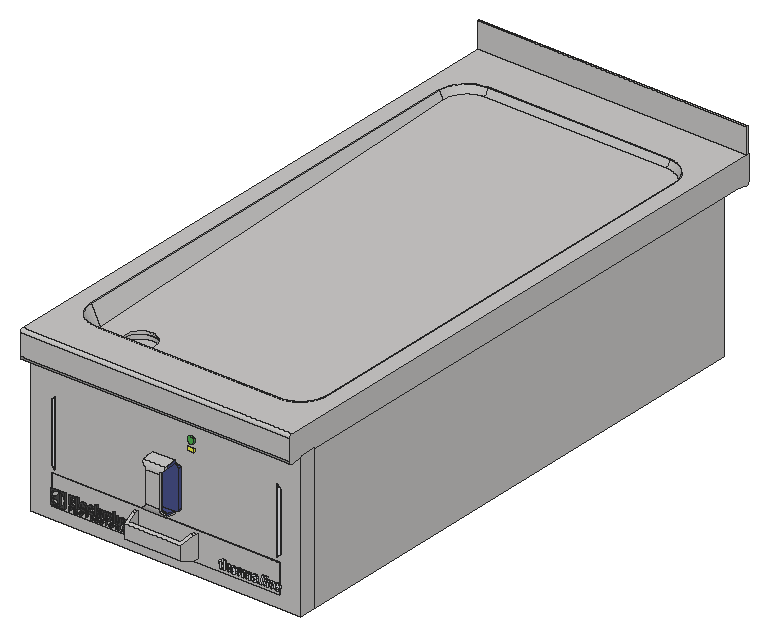
Revit family "QF_ELECTROLUXPROFESSIONAL_588530_MBHMBBDOAO", category Attrezzature speciali, Revit 2020
Family settings
  Quota connettore circolare = Usa diametro
  Tipo di parte = Normale
  Basato su piano di lavoro = No
  Sempre verticale = Sì
  Taglio con vuoti quando caricato = No
  Condiviso = No
  Punto di calcolo locali = No
Parameters (values of type "Standard")
  Weight = 69.00 kg
  Watts = 5100 W
  Volts = 400 V
  URL Manufacturer = "https://www.electroluxprofessional.com/"
  URL = "https://www.electroluxprofessional.com/"
  Steam Supply Size = 0"
  Steam Supply Minimum Pressure = 0.00 psi
  Steam Supply Maximum Pressure = 0.00 psi
  Steam Consumption per Hour = 0
  Refrigeration Suction Line Size = 0 mm
  Refrigeration Liquid Line Size = 0 mm
  Refrigerant Compressor Remote = yes
  Prospetto di default = 0 mm
  Phase = 3
  Modello = "MBHMBBDOAO"
  Produttore = "Electrolux Professional"
  Length Actual = 400 mm  # constant formula
  Item Number = "588530"
  Hot Water Size = 0"
  Height Actual = 250 mm  # constant formula
  HP = "6.8 HP"
  Gas Size = 0"
  Gas KW = 0
  Gas Input Pressure = 0.0 Btu/h
  Direct Waste Size = 0"
  Descrizione = "EL.FRYTOP,SMOOTH PL,1S,BSPL,400X850X250H"
  Depth Actual = 850 mm  # constant formula
  Cycle = 50 Hz
  Condensate Return Size = 0"
  Compressed Air Volume = 0 GPM
  Compressed Air Size = 0"
  Compressed Air Pressure = 0.00 psi
  Cold Water Size = 0"
  Accessory = yes
Reference planes
  plane 1 "BACK": y = 0
  plane 2: z = 0
  plane 3 "LEFT": x = 0
  plane 4 "RIGHT": x = 400
  plane 5 "FRONT": y = -850
  plane 6 "TOP": z = 900
  plane 7 "Center (Left/Right)": x = 200
  plane 8: y = -425
  plane 9: y = -150
  plane 10: y = -65
  plane 11: y = -790
  plane 12 "EIY": y = -635
  plane 13: z = 938
  plane 14 "BaseTop": z = 650
  plane 15: y = -805
  plane 16 "Camino": y = -50
  plane 17 "EIx": x = 355
  plane 18: z = 1131
Forms (mm)
  Extrusion 1, solid, material "QF_Finishes_Stainless Steel"
    sketch origin (-178.969, -4572, 100) x (-1, 0, 0) y (0, -1, 0)
      loop
        line (-178.969, -4527) -> (-178.969, -3767) -> (-578.969, -3767) -> (-578.969, -4527) -> (-178.969, -4527)
    from 550 to 762.969
  Extrusion 2, solid, material "QF_Finishes_Stainless Steel"
    sketch origin (200, 296.4, 1219.2) x (0, 1, 0) y (0, 0, 1)
      loop
        line (-296.4, -319.2) -> (-1141.4, -319.2)
        arc (-1141.4, -319.2) -> (-1144.935, -320.664) -> (-1146.4, -324.2) r 5
        line (-1146.4, -324.2) -> (-1146.4, -355.2)
        arc (-1146.4, -355.2) -> (-1144.971, -358.264) -> (-1141.705, -359.139) r 4
        line (-1141.705, -359.139) -> (-1126.4, -356.231) -> (-316.4, -356.231) -> (-301.094, -359.139)
        arc (-301.094, -359.139) -> (-297.829, -358.264) -> (-296.4, -355.2) r 4
        line (-296.4, -355.2) -> (-296.4, -319.2)
    from -200 to 200
  Extrusion 3, void
    sketch origin (0, 0, 900) x (-1, 0, 0) y (0, -1, 0)
      loop
        arc (-65, 65) -> (-36.716, 76.716) -> (-25, 105) r 40
        line (-25, 105) -> (-25, 750)
        arc (-25, 750) -> (-36.716, 778.284) -> (-65, 790) r 40
        line (-65, 790) -> (-335, 790)
        arc (-335, 790) -> (-363.284, 778.284) -> (-375, 750) r 40
        line (-375, 750) -> (-375, 105)
        arc (-375, 105) -> (-363.284, 76.716) -> (-335, 65) r 40
        line (-335, 65) -> (-65, 65)
    from 0 to -30
  Extrusion 4, solid, material "QF_Finishes_Stainless Steel"
    sketch origin (200, 296.4, 1219.2) x (0, 1, 0) y (0, 0, 1)
      loop
        line (-296.4, -319.2) -> (-296.4, -281.2) -> (-298.4, -281.2) -> (-298.4, -319.2) -> (-296.4, -319.2)
    from 200 to -200
  Extrusion 5, solid, material "QF_Finishes_Stainless Steel"
    sketch origin (0, 0, 650) x (-1, 0, 0) y (0, -1, 0)
      loop
        circle (-355, 635) r 10.1
    from 0 to -10
  Sweep 6, solid, material "QF_Finishes_Stainless Steel"
    path origin (0, 0, 900) x (-1, 0, 0) y (0, -1, 0)
      loop
        line (-25, 105) -> (-25, 750)
        arc (-25, 750) -> (-36.716, 778.284) -> (-65, 790) r 40
        line (-65, 790) -> (-335, 790)
        arc (-335, 790) -> (-363.284, 778.284) -> (-375, 750) r 40
        line (-375, 750) -> (-375, 105)
        arc (-375, 105) -> (-363.284, 76.716) -> (-335, 65) r 40
        line (-335, 65) -> (-65, 65)
        arc (-65, 65) -> (-36.716, 76.716) -> (-25, 105) r 40
    profile origin (25, -427.5, 900) x (1, 0, 0) y (0, 0, 1)
      loop
        line (0, 0) -> (0, -30) -> (15, -30) -> (0, 0)
  Extrusion 7, void
    sketch origin (0, 0, 900) x (-1, 0, 0) y (0, -1, 0)
      loop
        circle (-94.991, 746) r 22.248
    from -136.536 to 0
  Extrusion 8, solid, material "QF_Finishes_Stainless Steel"
    sketch origin (200, 296.4, 1219.2) x (0, 1, 0) y (0, 0, 1)
      loop
        line (-1086.4, -349.2) -> (-361.4, -349.2) -> (-361.4, -329.2) -> (-1086.4, -347.5) -> (-1086.4, -349.2)
    from -175 to 175
  Extrusion 9, void
    sketch origin (0, 0, 900) x (-1, 0, 0) y (0, -1, 0)
      loop
        circle (-94.991, 746) r 22.248
    from -30 to 0
Cuts and joins
  Extrusion 3, Extrusion 7, Extrusion 9 cuts Extrusion 2
  Extrusion 9 cuts Sweep 6
  Extrusion 9 cuts Extrusion 8
  joined: Sweep 6, Extrusion 8
  Extrusion 9 cuts Extrusion 1
Lines and regions (mm)
  symbolic lines
    curve 1: line (0, 0, 100) -> (400, 0, 100)
    curve 2: line (0, -850, 100) -> (0, 0, 100)
    curve 3: line (400, -850, 100) -> (0, -850, 100)
    curve 4: line (400, 0, 100) -> (400, -850, 100)
    curve 5: line (0, -2, 0) -> (400, -2, 0)
    curve 6: line (334.029, -65, 0) -> (65.29, -65, 0)
    curve 7: line (65.29, -790, 0) -> (334.029, -790, 0)
    curve 8: line (65, -80, 900) -> (335, -80, 900)
    curve 9: line (335, -775, 900) -> (65, -775, 900)
    curve 10: arc (360, -750, 900) -> (352.678, -767.678, 900) -> (335, -775, 900) r 25
    curve 11: line (360, -105, 900) -> (360, -750, 900)
    curve 12: arc (335, -80, 900) -> (352.678, -87.322, 900) -> (360, -105, 900) r 25
    curve 13: circle (94.991, -746, 900) r 22.248 normal (0, 0, 1)
    curve 14: arc (90.5, -85.483, 900) -> (62.314, -97.096, 900) -> (50.5, -125.198, 900) r 39.994
    curve 15: line (90.5, -85.482, 900) -> (310.5, -85.482, 900)
    curve 16: line (50.5, -662.082, 900) -> (50.5, -125.198, 900)
    curve 17: arc (50.5, -662.082, 900) -> (62.314, -690.184, 900) -> (90.5, -701.797, 900) r 39.994
    curve 18: line (310.5, -701.798, 900) -> (90.5, -701.798, 900)
    curve 19: line (40.29, -708.526, 900) -> (360, -708.526, 900)
    curve 20: line (40.29, -718.526, 900) -> (360, -718.526, 900)
    curve 21: arc (65, -65, 900) -> (36.716, -76.716, 900) -> (25, -105, 900) r 40
    curve 22: line (25, -105, 900) -> (25, -750, 900)
    curve 23: arc (25, -750, 900) -> (36.716, -778.284, 900) -> (65, -790, 900) r 40
    curve 24: arc (335, -790, 900) -> (363.284, -778.284, 900) -> (375, -750, 900) r 40
    curve 25: line (375, -750, 900) -> (375, -105, 900)
    curve 26: arc (375, -105, 900) -> (363.284, -76.716, 900) -> (335, -65, 900) r 40
    curve 27: arc (309.5, -85.483, 900) -> (337.686, -97.096, 900) -> (349.5, -125.198, 900) r 39.994
    curve 28: line (349.5, -662.082, 900) -> (349.5, -125.198, 900)
    curve 29: arc (349.5, -662.082, 900) -> (337.686, -690.184, 900) -> (309.5, -701.797, 900) r 39.994
    curve 30: arc (65, -775, 900) -> (47.322, -767.678, 900) -> (40, -750, 900) r 25
    curve 31: line (40, -750, 900) -> (40, -105, 900)
    curve 32: arc (40, -105, 900) -> (47.322, -87.322, 900) -> (65, -80, 900) r 25
Dimensions and locks
  plane 3 "LEFT" to plane 4 "RIGHT" = 400 mm
  locked: plane 5 "FRONT" to plane 1 "BACK" at 850
  plane 3 "LEFT" to plane 7 "Center (Left/Right)" to plane 4 "RIGHT" = 200 mm, 200 mm
  equal spacing: plane 5 "FRONT", plane 8, plane 1 "BACK"
  plane 6 "TOP" to level = 900 mm  (x2)
  plane 1 "BACK" to plane 9 = 150 mm
  plane 12 "EIY" to plane 1 "BACK" = 635 mm
  plane 13 to plane 6 "TOP" = 38 mm
  plane 10 to plane 1 "BACK" = 65 mm
  plane 5 "FRONT" to plane 11 = 60 mm
  locked: plane 6 "TOP" to plane 14 "BaseTop" at 250
  locked: plane 15 to plane 5 "FRONT" at 45
  plane 16 "Camino" to plane 1 "BACK" = 50 mm
  plane 17 "EIx" to plane 4 "RIGHT" = 45 mm
  plane 18 to plane 6 "TOP" = 231 mm
  aligned and locked: level to plane 2
  aligned and locked: cut or joined group of Extrusion 2, Extrusion 3, Extrusion 7, Extrusion 9 to plane 3 "LEFT"
  aligned and locked: cut or joined group of Extrusion 2, Extrusion 3, Extrusion 7, Extrusion 9 to plane 4 "RIGHT"
  aligned and locked: nested 1 to plane 15
  aligned and locked: Extrusion 1 to plane 15
  aligned and locked: Extrusion 4 to plane 3 "LEFT"
  aligned and locked: Extrusion 4 to plane 4 "RIGHT"
  aligned and locked: plane 3 "LEFT" to nested 1
Automatic sketch dimensions
  curve 5 to plane 3 "LEFT" = 0 mm
  plane 10 to curve 6 = 0 mm
  plane 11 to curve 7 = 0 mm
  curve 5 to plane 4 "RIGHT" = 0 mm
  plane 3 "LEFT" to curve 6 = 65.29 mm
  plane 3 "LEFT" to curve 7 = 65.29 mm
  curve 6 to plane 17 "EIx" = 20.971 mm
  curve 7 to plane 17 "EIx" = 20.971 mm
  plane 1 "BACK" to curve 5 = 2 mm
  Extrusion 1 sketch curve to plane 4 "RIGHT" = 0 mm
  Extrusion 1 sketch curve to plane 3 "LEFT" = 0 mm
  Extrusion 1 sketch curve to plane 15 = 0 mm
  Extrusion 1 sketch curve to plane 16 "Camino" = 5 mm
  plane 1 "BACK" to curve 1 = 0 mm
  curve 1 to plane 4 "RIGHT" = 0 mm
  curve 3 to plane 3 "LEFT" = 0 mm
  plane 5 "FRONT" to curve 3 = 0 mm
  Extrusion 2 sketch curve to plane 5 "FRONT" = 0 mm
  Extrusion 2 sketch curve to plane 6 "TOP" = 0 mm
  Extrusion 2 sketch curve to plane 1 "BACK" = 0 mm
  Extrusion 2 sketch curve to Extrusion 2 sketch curve = 4 mm
  Extrusion 2 sketch curve to Extrusion 2 sketch curve = 0.695 mm
  Extrusion 2 sketch curve to plane 5 "FRONT" = 5 mm
  Extrusion 2 sketch curve to Extrusion 2 sketch curve = 15.305 mm
  plane 1 "BACK" to Extrusion 2 sketch curve = 20 mm
  plane 1 "BACK" to Extrusion 2 sketch curve = 4.695 mm
  plane 1 "BACK" to Extrusion 2 sketch curve = 4 mm
  Extrusion 2 sketch curve to Extrusion 2 sketch curve = 31 mm
  Extrusion 2 sketch curve to Extrusion 2 sketch curve = 36 mm
  Extrusion 2 sketch curve to Extrusion 2 sketch curve = 2.909 mm
  plane 11 to Extrusion 3 sketch curve = 0 mm
  plane 10 to Extrusion 3 sketch curve = 0 mm
  plane 17 "EIx" to Extrusion 3 sketch curve = 20 mm
  Extrusion 3 sketch curve to plane 17 "EIx" = 20 mm  (x2)
  plane 3 "LEFT" to Extrusion 3 sketch curve = 65 mm  (x2)
  plane 10 to Extrusion 3 sketch curve = 40 mm
  curve 10 to curve 24 = 0 mm  (x2)
  curve 12 to curve 26 = 0 mm  (x2)
  curve 21 to curve 32 = 0 mm  (x2)
  curve 23 to curve 30 = 0 mm  (x2)
  plane 10 to curve 26 = 0 mm
  plane 11 to curve 24 = 0 mm
  plane 10 to curve 21 = 0 mm
  plane 17 "EIx" to curve 25 = 20 mm
  plane 17 "EIx" to curve 11 = 5 mm
  curve 28 to plane 17 "EIx" = 5.5 mm
  curve 9 to plane 17 "EIx" = 20 mm
  curve 26 to plane 17 "EIx" = 20 mm
  curve 12 to curve 27 = 25.493 mm
  curve 28 to curve 29 = 39.993 mm
  curve 13 to plane 11 = 44 mm
  plane 3 "LEFT" to curve 13 = 94.991 mm
  curve 17 to plane 12 "EIY" = 26.803 mm
  curve 13 to curve 17 = 4.498 mm
  plane 9 to curve 14 = 24.523 mm
  plane 3 "LEFT" to curve 14 = 90.493 mm
  curve 14 to curve 21 = 25.493 mm
  curve 13 to curve 23 = 29.991 mm
  curve 17 to curve 16 = 39.993 mm
  curve 16 to curve 31 = 10.5 mm
  curve 31 to curve 16 = 20.198 mm
  curve 11 to curve 28 = 20.198 mm
  plane 9 to curve 27 = 24.523 mm
  curve 29 to plane 12 "EIY" = 26.803 mm
  curve 16 to plane 12 "EIY" = 27.082 mm
  curve 28 to plane 12 "EIY" = 27.082 mm
  curve 12 to curve 15 = 24.5 mm
  curve 18 to curve 29 = 0.993 mm
  curve 18 to curve 29 = 1 mm
  curve 15 to curve 27 = 1 mm
  curve 18 to curve 17 = 0.007 mm
  curve 15 to curve 8 = 25.5 mm
  curve 15 to curve 14 = 0 mm
  curve 18 to curve 17 = 0 mm
  curve 20 to curve 30 = 0.29 mm
  curve 19 to curve 20 = 0 mm
  curve 15 to curve 14 = 0.001 mm
  curve 29 to curve 18 = 0.001 mm
  curve 19 to curve 30 = 41.474 mm
  curve 19 to curve 20 = 10 mm
  Extrusion 4 sketch curve to plane 6 "TOP" = 0 mm
  Extrusion 4 sketch curve to plane 13 = 0 mm
  Extrusion 4 sketch curve to plane 1 "BACK" = 0 mm
  Extrusion 4 sketch curve to Extrusion 4 sketch curve = 2 mm
  Extrusion 5 sketch curve to plane 12 "EIY" = 0 mm
  Extrusion 5 sketch curve to plane 17 "EIx" = 0 mm
  plane 10 to Sweep 6 sketch curve = 0 mm
  plane 11 to Sweep 6 sketch curve = 0 mm
  plane 17 "EIx" to Sweep 6 sketch curve = 20 mm
  Sweep 6 sketch curve to plane 17 "EIx" = 20 mm  (x2)
  plane 3 "LEFT" to Sweep 6 sketch curve = 65 mm  (x2)
  plane 3 "LEFT" to Sweep 6 sketch curve = 25 mm
  profile plane to Sweep 6 sketch curve = 0 mm
  Sweep 6 sketch curve to plane 6 "TOP" = 0 mm
  Sweep 6 sketch curve to profile plane = 15 mm
  Sweep 6 sketch curve to plane 6 "TOP" = 30 mm
  Extrusion 7 sketch curve to plane 11 = 44 mm
  plane 3 "LEFT" to Extrusion 7 sketch curve = 94.991 mm
  Extrusion 7 sketch curve to Extrusion 7 sketch curve = 12.288 mm
  Extrusion 7 sketch curve to Extrusion 7 sketch curve = 0 mm
  Extrusion 7 sketch curve to Extrusion 7 sketch curve = 18.547 mm
  Extrusion 9 sketch curve to plane 11 = 44 mm
  plane 3 "LEFT" to Extrusion 9 sketch curve = 94.991 mm
  Extrusion 9 sketch curve to Extrusion 9 sketch curve = 12.288 mm
  Extrusion 9 sketch curve to Extrusion 9 sketch curve = 0 mm
  Extrusion 9 sketch curve to Extrusion 9 sketch curve = 18.547 mm
  Extrusion 8 sketch curve to plane 11 = 0 mm
  Extrusion 8 sketch curve to plane 10 = 0 mm
  Extrusion 8 sketch curve to plane 6 "TOP" = 30 mm
  Extrusion 8 sketch curve to plane 6 "TOP" = 10 mm
  Extrusion 8 sketch curve to Extrusion 8 sketch curve = 0 mm
  Extrusion 8 sketch curve to Extrusion 8 sketch curve = 1.7 mm
  radius of curve 13 = 22.248 mm
  radius of Extrusion 5 sketch curve = 10.1 mm
Nested families
  nested 1: "Front_Panel_W400_One Knobs_2Spie" at (52.376, -805, 0), type "Front_Panel_W400_One Knobs_2Spie"
Connectors
  electrical at (355, -635, 640), driven by "Volts"
    settings: on Extrusion 5, index 1, voltage 400 V, apparent load 0 VA, apparent load phase1 0 VA, apparent load phase2 0 VA, apparent load phase3 0 VA, power factor 1, load classification "Other", number of poles 1, system type 30, power factor state 1, is connector primary yes, connector utility no, sub classification motor no, connector description "Electrical Connection"
Definition of nested family "Front_Panel_W400_One Knobs_2Spie"
  Parameters
    Default Elevation = 0 mm
  Reference planes
    plane 1 "Center (Front/Back)": y = 0
    plane 2: z = 0
    plane 3 "Center (Left/Right)": x = 147.624
    plane 4 "Left": x = -52.376
    plane 5 "Right": x = 347.624
    plane 6: y = -45
    plane 7: y = -310
    plane 8 "Panel": y = -25
    plane 9: x = 317.624
    plane 10: x = -22.376
  Forms (mm)
    Extrusion 1, solid
      sketch origin (833.217, 829.203, -1.25) x (0, 1, 0) y (0, 0, 1)
        loop
          line (-854.203, 651.25) -> (-829.203, 651.25) -> (-829.203, 864.25) -> (-854.203, 864.25) -> (-854.203, 651.25)
      from -885.593 to -485.593
    Extrusion 2, void
      sketch origin (0, -25, -10) x (0, 0, 1) y (-1, 0, 0)
        loop
          line (731.866, -317.624) -> (818.866, -317.624) -> (823.866, -312.624) -> (726.866, -312.624) -> (731.866, -317.624)
        loop
          line (731.866, 22.376) -> (726.866, 17.376) -> (823.866, 17.376) -> (818.866, 22.376) -> (731.866, 22.376)
      from 0 to -2
    Extrusion 3, void
      sketch origin (0, 0, 0) x (1, 0, 0) y (0, 0, 1)
        loop
          line (-22.376, 711.866) -> (-22.376, 666.866) -> (317.624, 666.866) -> (317.624, 711.866) -> (-22.376, 711.866)
      from 19.387 to 25
    Extrusion 4, solid
      sketch origin (0, 0, 0) x (1, 0, 0) y (0, 0, 1)
        loop
          line (-21.376, 710.866) -> (-21.376, 667.866) -> (316.624, 667.866) -> (316.624, 710.866) -> (-21.376, 710.866)
      from 19.387 to 25
    Extrusion 5, solid
      sketch origin (0, 0, 0) x (1, 0, 0) y (0, 1, 0)
        loop
          line (106.059, -25) -> (100.966, -25) -> (105.646, -49.075) -> (189.603, -49.075) -> (194.283, -25) -> (189.189, -25) -> (185.481, -44.075) -> (109.767, -44.075) -> (106.059, -25)
      from 672.593 to 705.67
    Extrusion 6, void
      sketch origin (147.624, 0, 0) x (0, 1, 0) y (0, 0, 1)
        loop
          line (-30, 705.67) -> (-30, 710.67) -> (-56.744, 710.67) -> (-56.744, 667.593) -> (-30, 667.593) -> (-30, 672.593) -> (-53.776, 680.318) -> (-53.776, 697.945) -> (-30, 705.67)
      from -50 to 50
    Extrusion 7, solid, detail levels coarse
      sketch origin (0, -265, 0) x (1, 0, 0) y (0, 1, 0)
        loop
          line (106.164, -71.744) -> (189.084, -71.744) -> (194.283, -45) -> (316.624, -45) -> (316.624, 240) -> (-21.376, 240) -> (-21.376, -45) -> (100.966, -45) -> (106.164, -71.744)
      from 672.593 to 705.67
    Extrusion 8, void
      sketch origin (147.624, -280, 0) x (0, 1, 0) y (0, 0, 1)
        loop
          line (-30, 705.67) -> (-30, 710.67) -> (-56.744, 710.67) -> (-56.744, 667.593) -> (-30, 667.593) -> (-30, 672.593) -> (-53.776, 680.318) -> (-53.776, 697.945) -> (-30, 705.67)
      from -50 to 50
    Extrusion 9, solid
      sketch origin (220, -25, 1.163) x (0, 0, 1) y (-1, 0, 0)
        loop
          circle (827.42, 33.961) r 5
      from 0 to 1.7
    Extrusion 10, solid
      sketch origin (0, -25, -10) x (0, 0, 1) y (-1, 0, 0)
        loop
          line (726.866, -312.624) -> (731.866, -317.624) -> (818.866, -317.624) -> (823.866, -312.624) -> (726.866, -312.624)
        loop
          line (726.866, 17.376) -> (823.866, 17.376) -> (818.866, 22.376) -> (731.866, 22.376) -> (726.866, 17.376)
      from 0 to -2
    Extrusion 11, solid
      sketch origin (220, -25, -12.084) x (0, 0, 1) y (-1, 0, 0)
        loop
          line (825.666, 38.961) -> (825.666, 28.961) -> (830.666, 28.961) -> (830.666, 38.961) -> (825.666, 38.961)
      from 0 to 1.7
  Cuts and joins
    Extrusion 2, Extrusion 3 cuts Extrusion 1
    Extrusion 6, Extrusion 8 cuts Extrusion 5
    Extrusion 8 cuts Extrusion 7
  Lines and regions (mm)
    symbolic lines
      curve 1: line (-21.376, -45, 0) -> (-21.376, -310, 0)
      curve 2: line (-21.376, -310, 0) -> (316.624, -310, 0)
      curve 3: line (100.966, -310, 0) -> (105.646, -334.075, 0)
      curve 4: line (105.646, -334.075, 0) -> (189.603, -334.075, 0)
      curve 5: line (189.603, -334.075, 0) -> (194.283, -310, 0)
      curve 6: line (316.624, -310, 0) -> (316.624, -45, 0)
      curve 7: line (-21.376, -300, 0) -> (316.624, -300, 0)
      curve 8: line (106.059, -310, 0) -> (109.767, -329.075, 0)
      curve 9: line (109.767, -329.075, 0) -> (185.481, -329.075, 0)
      curve 10: line (185.481, -329.075, 0) -> (189.189, -310, 0)
  Dimensions and locks
    equal spacing: plane 5 "Right", plane 3 "Center (Left/Right)", plane 4 "Left"
    plane 5 "Right" to plane 4 "Left" = 400 mm
    plane 6 to plane 7 = 265 mm
    plane 10 to plane 4 "Left" = 30 mm
    plane 5 "Right" to plane 9 = 30 mm
    aligned and locked: cut or joined group of Extrusion 1, Extrusion 2, Extrusion 3 to plane 4 "Left"
    aligned and locked: plane 5 "Right" to cut or joined group of Extrusion 1, Extrusion 2, Extrusion 3
  Automatic sketch dimensions
    plane 6 to curve 1 = 0 mm
    curve 1 to plane 7 = 0 mm
    plane 6 to curve 6 = 0 mm
    plane 10 to curve 1 = 1 mm
    curve 3 to plane 3 "Center (Left/Right)" = 41.979 mm
    curve 3 to curve 8 = 4.122 mm
    plane 3 "Center (Left/Right)" to curve 10 = 37.857 mm
    curve 9 to curve 5 = 4.122 mm
    curve 2 to plane 9 = 1 mm
    curve 9 to plane 7 = 19.075 mm
    curve 5 to curve 9 = 5 mm
    curve 3 to curve 8 = 8.801 mm
    curve 3 to curve 8 = 5.094 mm
    curve 9 to curve 10 = 3.708 mm
    curve 10 to curve 5 = 5.094 mm
    plane 7 to curve 7 = 10 mm
    Extrusion 1 sketch curve to plane 8 "Panel" = 0 mm
    Extrusion 1 sketch curve to plane 1 "Center (Front/Back)" = 0 mm
    level to Extrusion 1 sketch curve = 650 mm
    Extrusion 1 sketch curve to Extrusion 1 sketch curve = 213 mm
    Extrusion 2 sketch curve to plane 9 = 0 mm
    Extrusion 2 sketch curve to plane 10 = 0 mm
    plane 10 to Extrusion 2 sketch curve = 5 mm
    level to Extrusion 2 sketch curve = 716.866 mm
    Extrusion 2 sketch curve to plane 9 = 5 mm
    Extrusion 2 sketch curve to Extrusion 2 sketch curve = 0 mm
    Extrusion 2 sketch curve to Extrusion 2 sketch curve = 5 mm  (x4)
    Extrusion 2 sketch curve to Extrusion 2 sketch curve = 87 mm  (x2)
    Extrusion 3 sketch curve to plane 10 = 0 mm
    Extrusion 3 sketch curve to plane 9 = 0 mm
    level to Extrusion 3 sketch curve = 666.866 mm
    Extrusion 3 sketch curve to Extrusion 3 sketch curve = 45 mm
    plane 10 to Extrusion 4 sketch curve = 1 mm
    Extrusion 4 sketch curve to plane 9 = 1 mm
    level to Extrusion 4 sketch curve = 667.866 mm
    Extrusion 4 sketch curve to Extrusion 4 sketch curve = 43 mm
    plane 8 "Panel" to Extrusion 5 sketch curve = 0 mm  (x2)
    Extrusion 5 sketch curve to plane 3 "Center (Left/Right)" = 46.658 mm
    plane 6 to Extrusion 5 sketch curve = 4.075 mm
    Extrusion 5 sketch curve to Extrusion 5 sketch curve = 4.68 mm
    Extrusion 5 sketch curve to Extrusion 5 sketch curve = 5.094 mm  (x2)
    Extrusion 5 sketch curve to plane 6 = 0.925 mm
    Extrusion 5 sketch curve to Extrusion 5 sketch curve = 4.122 mm  (x2)
    plane 3 "Center (Left/Right)" to Extrusion 5 sketch curve = 37.857 mm
    Extrusion 5 sketch curve to Extrusion 5 sketch curve = 3.708 mm
    plane 6 to Extrusion 6 sketch curve = 11.744 mm
    plane 6 to Extrusion 6 sketch curve = 8.776 mm
    plane 8 "Panel" to Extrusion 6 sketch curve = 5 mm  (x2)
    level to Extrusion 6 sketch curve = 667.593 mm
    Extrusion 6 sketch curve to Extrusion 6 sketch curve = 5 mm
    Extrusion 6 sketch curve to Extrusion 6 sketch curve = 12.725 mm  (x2)
    Extrusion 6 sketch curve to Extrusion 6 sketch curve = 17.627 mm
    Extrusion 6 sketch curve to Extrusion 6 sketch curve = 7.725 mm
    plane 8 "Panel" to Extrusion 7 sketch curve = 0 mm
    Extrusion 7 sketch curve to plane 7 = 0 mm  (x2)
    plane 10 to Extrusion 7 sketch curve = 1 mm
    Extrusion 7 sketch curve to plane 3 "Center (Left/Right)" = 46.658 mm
    Extrusion 7 sketch curve to Extrusion 7 sketch curve = 5.199 mm  (x2)
    plane 3 "Center (Left/Right)" to Extrusion 7 sketch curve = 41.46 mm
    Extrusion 7 sketch curve to plane 9 = 1 mm
    Extrusion 7 sketch curve to plane 7 = 26.744 mm
    Extrusion 8 sketch curve to plane 7 = 0 mm  (x2)
    Extrusion 8 sketch curve to plane 7 = 23.776 mm
    Extrusion 8 sketch curve to Extrusion 8 sketch curve = 2.968 mm
    level to Extrusion 8 sketch curve = 667.593 mm
    Extrusion 8 sketch curve to Extrusion 8 sketch curve = 5 mm
    Extrusion 8 sketch curve to Extrusion 8 sketch curve = 12.725 mm  (x2)
    Extrusion 8 sketch curve to Extrusion 8 sketch curve = 17.627 mm
    Extrusion 8 sketch curve to Extrusion 8 sketch curve = 7.725 mm
    Extrusion 10 sketch curve to plane 9 = 0 mm
    Extrusion 10 sketch curve to plane 10 = 0 mm
    Extrusion 10 sketch curve to plane 9 = 5 mm
    level to Extrusion 10 sketch curve = 716.866 mm
    plane 10 to Extrusion 10 sketch curve = 5 mm
    Extrusion 10 sketch curve to Extrusion 10 sketch curve = 0 mm
    Extrusion 10 sketch curve to Extrusion 10 sketch curve = 5 mm  (x4)
    Extrusion 10 sketch curve to Extrusion 10 sketch curve = 87 mm  (x2)
    plane 3 "Center (Left/Right)" to Extrusion 9 sketch curve = 38.414 mm
    level to Extrusion 9 sketch curve = 828.582 mm
    plane 3 "Center (Left/Right)" to Extrusion 11 sketch curve = 43.414 mm
    level to Extrusion 11 sketch curve = 813.582 mm
    Extrusion 11 sketch curve to Extrusion 11 sketch curve = 5 mm
    Extrusion 11 sketch curve to Extrusion 11 sketch curve = 10 mm
    radius of Extrusion 9 sketch curve = 5 mm
  Nested families
    nested 1: "Range Control Handle" at (147.624, -28.137, -209.113) x (-1, 0, 0) z (0, 0, 1), type "Range Control Handle"
    nested 2: "ELX_ThermaLine_Small" at (269.031, -25, 679.326) x (1, 0, 0) z (0, -1, 0), type "ELX_ThermaLine_Small"
      with Show Logo yes, Material_Logo none
    nested 3: "ELX_Professional_Logo_Small" at (37.11, -25, 681.559) x (1, 0, 0) z (0, -1, 0), type "ELX_Professional_Logo_Small"
      with Show Logo yes, Material_Logo none
  Definition of nested family "Range Control Handle"
    Parameters
      Default Elevation = 0 mm
    Reference planes
      plane 1 "Center (Front/Back)": y = 0
      plane 2: z = 0
      plane 3 "Center (Left/Right)": x = 0
      plane 4: z = 971.092
      plane 5: y = -16.9
    Forms (mm)
      Extrusion 1, solid
        sketch origin (-746.28, 380.497, 208.931) x (-1, 0, 0) y (0, 0, 1)
          loop
            line (-770.101, 786.798) -> (-770.101, 731.649)
            arc (-770.101, 731.649) -> (-769.759, 730.563) -> (-768.855, 729.87) r 1.893
            line (-768.855, 729.87) -> (-763.474, 727.911) -> (-729.81, 727.911) -> (-724.428, 729.87)
            arc (-724.428, 729.87) -> (-723.525, 730.563) -> (-723.183, 731.649) r 1.893
            line (-723.183, 731.649) -> (-723.183, 786.798)
            arc (-723.183, 786.798) -> (-723.529, 787.894) -> (-724.44, 788.593) r 1.91
            line (-724.44, 788.593) -> (-729.683, 790.819) -> (-763.601, 790.819) -> (-768.844, 788.593)
            arc (-768.844, 788.593) -> (-769.755, 787.894) -> (-770.101, 786.798) r 1.91
        from -382.35 to -378.852
      Sweep 2, solid
        path origin (-746.788, 380.496, 208.091) x (0, -1, 0) y (0, 0, 1)
          loop
            line (379.775, 793.281) -> (395.661, 791.048)
            arc (395.661, 791.048) -> (397.781, 787.377) -> (398.517, 783.202) r 12.207
            line (398.517, 783.202) -> (398.517, 737.368)
            arc (398.517, 737.368) -> (397.781, 733.193) -> (395.661, 729.522) r 12.207
            line (395.661, 729.522) -> (379.775, 727.289)
        profile origin (-746.788, -7.222, 1000.256) x (0, -0.139173, 0.990268) y (-1, 0, 0)
          loop
            line (0.782, -763.123) -> (0.782, -730.907) -> (-1.322, -730.907) -> (-1.322, -763.123) -> (0.782, -763.123)
      Sweep 3, solid
        path origin (-746.788, 380.715, 207.832) x (0, -1, 0) y (0, 0, 1)
          loop
            line (380.478, 795.442) -> (397.218, 793.09)
            arc (397.218, 793.09) -> (399.929, 788.473) -> (400.871, 783.202) r 15.207
            line (400.871, 783.202) -> (400.871, 737.584)
            arc (400.871, 737.584) -> (399.914, 732.274) -> (397.164, 727.633) r 15.207
            line (397.164, 727.633) -> (380.601, 725.305)
        profile origin (-746.788, -8.132, 1002.099) x (0, -0.139173, 0.990268) y (-1, 0, 0)
          loop
            line (0.782, -763.123) -> (0.782, -730.907) -> (-1.322, -730.907) -> (-1.322, -763.123) -> (0.782, -763.123)
      Extrusion 4, void
        sketch origin (889.253, 220.666, 207.993) x (1, 0, 0) y (0, 0, 1)
          loop
            line (-943.038, 816.854) -> (-943.038, 703.686) -> (-899.466, 734.196) -> (-899.466, 786.344) -> (-943.038, 816.854)
        from 230.636 to 242.25
      Extrusion 5, void
        sketch origin (-888.8, 220.666, 207.993) x (-1, 0, 0) y (0, 0, -1)
          loop
            line (-943.038, -816.854) -> (-899.466, -786.344) -> (-899.466, -734.196) -> (-943.038, -703.686) -> (-943.038, -816.854)
        from 230.636 to 242.25
      Extrusion 6, solid
        sketch origin (0, 0, 0) x (1, 0, 0) y (0, 0, 1)
          loop
            circle (0, 971.092) r 7.736
        from -3.137 to -1.645
    Cuts and joins
      Extrusion 4, Extrusion 5 cuts Sweep 3
      Extrusion 4, Extrusion 5 cuts Sweep 2
      joined: Extrusion 1, Extrusion 6
    Lines and regions (mm)
      symbolic lines
        curve 1: line (16.334, -16.9, 0) -> (16.334, -19.227, 0)
        curve 2: spline (16.334, -19.227, 0) -> (15.87, -19.385, 0) -> (15.404, -19.536, 0) -> (14.936, -19.678, 0) -> (14.466, -19.813, 0) -> (13.995, -19.94, 0) -> (13.523, -20.059, 0) -> (13.049, -20.171, 0) -> (12.575, -20.274, 0) -> (12.099, -20.37, 0) -> (11.622, -20.458, 0) -> (11.144, -20.537, 0) -> (10.666, -20.609, 0)
        curve 3: line (10.666, -16.9, 0) -> (10.666, -20.938, 0)
        curve 4: line (-10.213, -20.938, 0) -> (10.666, -20.938, 0)
        curve 5: line (-10.213, -20.938, 0) -> (-10.213, -16.9, 0)
        curve 6: spline (-10.213, -20.609, 0) -> (-10.691, -20.537, 0) -> (-11.169, -20.458, 0) -> (-11.646, -20.37, 0) -> (-12.122, -20.274, 0) -> (-12.597, -20.171, 0) -> (-13.07, -20.059, 0) -> (-13.542, -19.94, 0) -> (-14.013, -19.813, 0) -> (-14.483, -19.678, 0) -> (-14.951, -19.536, 0) -> (-15.417, -19.385, 0) -> (-15.881, -19.227, 0)
        curve 7: line (-15.881, -19.227, 0) -> (-15.881, -16.9, 0)
  Definition of nested family "ELX_ThermaLine_Small"
    Parameters
      Show Logo [instance] = yes
      Material_Logo [instance] = none
      Default Elevation = 0 mm
    Reference planes
      plane 1 "Centro (Fronte/Retro)": y = 0
      plane 2: z = 0
      plane 3 "Centro (Sinistra/Destra)": x = 0
    Forms (mm)
      Extrusion 1, solid
        sketch origin (0, 0, 0) x (1, 0, 0) y (0, 1, 0)
          loop
            line (-1219.2, 1219.2) -> (-1219.2, -1219.2) -> (1219.2, -1219.2) -> (1219.2, 1219.2) -> (-1219.2, 1219.2)
        from 0 to -304.8
      Extrusion 2, solid
        sketch origin (0, 0, 0) x (1, 0, 0) y (0, 1, 0)
          loop
            line (-37.494, 1.229) -> (-35.908, 1.229) -> (-35.908, 3.066) -> (-37.494, 3.066) -> (-37.494, 6.221) -> (-39.867, 4.881) -> (-39.867, 3.066) -> (-40.969, 3.066) -> (-40.969, 1.229) -> (-39.867, 1.229) -> (-39.867, -3.407)
            arc (-39.867, -3.407) -> (-38.982, -5.513) -> (-36.751, -6.001) r 2.478
            line (-36.751, -6.001) -> (-35.638, -5.7) -> (-35.9, -3.835) -> (-36.661, -4.039)
            arc (-36.661, -4.039) -> (-37.236, -3.924) -> (-37.494, -3.399) r 0.662
            line (-37.494, -3.399) -> (-37.494, 1.229)
          loop
            line (-34.242, 6.539) -> (-34.242, -5.848) -> (-31.854, -5.848) -> (-31.854, -0.078)
            arc (-31.854, -0.078) -> (-30.939, 1.249) -> (-29.33, 1.367) r 1.866
            arc (-29.33, 1.367) -> (-28.695, 0.768) -> (-28.461, -0.073) r 1.627
            line (-28.461, -0.073) -> (-28.461, -5.848) -> (-26.086, -5.848) -> (-26.064, -0.46)
            arc (-26.064, -0.46) -> (-26.261, 0.932) -> (-26.786, 2.237) r 5.825
            arc (-26.786, 2.237) -> (-29.381, 3.264) -> (-31.854, 1.971) r 3.353
            line (-31.854, 1.971) -> (-31.854, 6.539) -> (-34.242, 6.539)
          loop
            arc (-18.398, -0.598) -> (-18.893, 0.879) -> (-20.326, 1.487) r 1.897
            arc (-20.326, 1.487) -> (-21.461, 0.708) -> (-21.897, -0.598) r 2.164
            line (-21.897, -0.598) -> (-18.398, -0.598)
          loop
            arc (-16.021, -2.044) -> (-16.754, 1.227) -> (-19.444, 3.226) r 4.814
            arc (-19.444, 3.226) -> (-22.137, 2.788) -> (-23.943, 0.743) r 4.054
            arc (-23.943, 0.743) -> (-24.382, -1.249) -> (-24.162, -3.276) r 6.289
            arc (-24.162, -3.276) -> (-23.302, -4.71) -> (-21.958, -5.705) r 4.28
            arc (-21.958, -5.705) -> (-18.558, -5.814) -> (-16.152, -3.409) r 4.28
            line (-16.152, -3.409) -> (-18.5, -2.995)
            arc (-18.5, -2.995) -> (-19.273, -3.994) -> (-20.533, -4.076) r 1.536
            arc (-20.533, -4.076) -> (-21.56, -3.281) -> (-21.958, -2.044) r 2.197
            line (-21.958, -2.044) -> (-16.021, -2.044)
          loop
            line (-14.165, -5.848) -> (-11.819, -5.848) -> (-11.819, -2.138)
            arc (-11.819, -2.138) -> (-11.787, -1.156) -> (-11.637, -0.185) r 8.18
            arc (-11.637, -0.185) -> (-10.644, 0.972) -> (-9.132, 0.776) r 1.603
            line (-9.132, 0.776) -> (-8.419, 2.846)
            arc (-8.419, 2.846) -> (-10.432, 3.118) -> (-11.994, 1.821) r 2.527
            line (-11.994, 1.821) -> (-11.994, 3.094) -> (-14.165, 3.094) -> (-14.165, -5.848)
          loop
            line (-7.579, 3.094) -> (-7.579, -5.848) -> (-5.178, -5.848) -> (-5.178, -0.756)
            arc (-5.178, -0.756) -> (-4.727, 0.679) -> (-3.417, 1.419) r 2.05
            arc (-3.417, 1.419) -> (-2.499, 0.908) -> (-2.155, -0.085) r 1.471
            line (-2.155, -0.085) -> (-2.155, -5.848) -> (0.23, -5.848) -> (0.23, -1.001)
            arc (0.23, -1.001) -> (0.47, 0.127) -> (1.148, 1.061) r 2.775
            arc (1.148, 1.061) -> (2.225, 1.329) -> (3.05, 0.587) r 1.182
            arc (3.05, 0.587) -> (3.199, -0.019) -> (3.214, -0.642) r 2.894
            line (3.214, -0.642) -> (3.214, -5.848) -> (5.601, -5.848) -> (5.601, 0.261)
            arc (5.601, 0.261) -> (4.87, 2.263) -> (2.976, 3.241) r 2.932
            arc (2.976, 3.241) -> (1.284, 2.973) -> (-0.047, 1.896) r 3.309
            arc (-0.047, 1.896) -> (-1.116, 2.865) -> (-2.506, 3.258) r 3.16
            arc (-2.506, 3.258) -> (-4.105, 2.942) -> (-5.376, 1.92) r 3.419
            line (-5.376, 1.92) -> (-5.376, 3.094) -> (-7.579, 3.094)
          loop
            line (7.583, 0.738) -> (9.702, 0.364)
            arc (9.702, 0.364) -> (11.441, 1.492) -> (12.855, -0.023) r 1.613
            line (12.855, -0.023) -> (9.782, -0.789)
            arc (9.782, -0.789) -> (8.559, -1.346) -> (7.617, -2.305) r 3.687
            arc (7.617, -2.305) -> (7.499, -3.681) -> (7.901, -5.003) r 3.651
            arc (7.901, -5.003) -> (9.107, -5.766) -> (10.515, -6.006) r 3.635
            arc (10.515, -6.006) -> (11.898, -5.697) -> (13.067, -4.895) r 3.734
            line (13.067, -4.895) -> (13.376, -5.848) -> (15.75, -5.848) -> (15.212, -4.193) -> (15.212, 0.38)
            arc (15.212, 0.38) -> (14.897, 1.849) -> (13.818, 2.895) r 2.585
            arc (13.818, 2.895) -> (11.792, 3.442) -> (9.719, 3.11) r 5.005
            arc (9.719, 3.11) -> (8.369, 2.178) -> (7.583, 0.738) r 3.54
          loop
            line (19.723, -5.848) -> (22.233, -5.848) -> (24.854, 6.484) -> (22.345, 6.484) -> (19.723, -5.848)
          loop
            line (24.583, -5.848) -> (26.953, -5.848) -> (28.848, 3.066) -> (26.478, 3.066) -> (24.583, -5.848)
          loop
            line (27.204, 6.484) -> (26.741, 4.305) -> (29.111, 4.305) -> (29.575, 6.484) -> (27.204, 6.484)
          loop
            line (29.355, -5.848) -> (31.849, -5.848) -> (33.098, 0.028)
            arc (33.098, 0.028) -> (34.169, 1.306) -> (35.832, 1.422) r 2.132
            arc (35.832, 1.422) -> (36.324, 0.752) -> (36.383, -0.078) r 1.5
            line (36.383, -0.078) -> (35.157, -5.848) -> (37.536, -5.848) -> (38.936, 0.738)
            arc (38.936, 0.738) -> (38.775, 2.091) -> (37.825, 3.066) r 2.118
            arc (37.825, 3.066) -> (35.392, 3.175) -> (33.295, 1.937) r 4.271
            line (33.295, 1.937) -> (33.535, 3.066) -> (31.25, 3.066) -> (29.355, -5.848)
          loop
            line (42.792, -0.64) -> (46.589, -0.64)
            arc (46.589, -0.64) -> (46.639, 0.124) -> (46.327, 0.823) r 1.589
            arc (46.327, 0.823) -> (45.117, 1.521) -> (43.762, 1.183) r 1.865
            arc (43.762, 1.183) -> (43.141, 0.344) -> (42.792, -0.64) r 3.538
          loop
            line (42.565, -2.138) -> (48.593, -2.138)
            arc (48.593, -2.138) -> (48.58, 0.597) -> (46.983, 2.818) r 4.494
            arc (46.983, 2.818) -> (44.191, 3.28) -> (41.725, 1.891) r 4.26
            arc (41.725, 1.891) -> (40.503, -0.3) -> (40.284, -2.799) r 6.003
            arc (40.284, -2.799) -> (40.959, -4.468) -> (42.377, -5.576) r 3.482
            arc (42.377, -5.576) -> (44.265, -5.961) -> (46.152, -5.576) r 4.823
            arc (46.152, -5.576) -> (47.432, -4.731) -> (48.328, -3.485) r 4.245
            line (48.328, -3.485) -> (46.168, -3.105)
            arc (46.168, -3.105) -> (45.214, -4.072) -> (43.859, -4.181) r 1.953
            arc (43.859, -4.181) -> (42.821, -3.408) -> (42.565, -2.138) r 1.81
          loop
            line (12.868, -1.553) -> (10.216, -2.214)
            arc (10.216, -2.214) -> (9.747, -3.136) -> (10.216, -4.058) r 1.14
            arc (10.216, -4.058) -> (11.537, -4.249) -> (12.614, -3.46) r 1.763
            arc (12.614, -3.46) -> (12.858, -2.522) -> (12.868, -1.553) r 3.97
        from 0 to 1.6
    Dimensions and locks
      aligned and locked: plane 2 to Extrusion 1
      aligned and locked: level to Extrusion 1
  Definition of nested family "ELX_Professional_Logo_Small"
    Parameters
      Show Logo [instance] = yes
      Material_Logo [instance] = none
      Default Elevation = 0 mm
    Reference planes
      plane 1 "Centro (Fronte/Retro)": y = 0
      plane 2: z = 0
      plane 3 "Centro (Sinistra/Destra)": x = 0
    Forms (mm)
      Extrusion 1, solid
        sketch origin (0, 0, 0) x (1, 0, 0) y (0, 1, 0)
          loop
            line (-1219.2, 1219.2) -> (-1219.2, -1219.2) -> (1219.2, -1219.2) -> (1219.2, 1219.2) -> (-1219.2, 1219.2)
        from 0 to -304.8
      Extrusion 2, solid, material <- "Material_Logo"
        sketch origin (15.5, 0, 0) x (1, 0, 0) y (0, 1, 0)
          loop
            spline (-42.99, -1.24) -> (-43.195, -1.231) -> (-43.415, -1.203) -> (-43.642, -1.152) -> (-43.87, -1.074) -> (-44.095, -0.966) -> (-44.309, -0.825) -> (-44.506, -0.647) -> (-44.681, -0.429) -> (-44.828, -0.167) -> (-44.94, 0.142) -> (-45.011, 0.501) -> (-45.037, 0.915)
            line (-45.037, 0.915) -> (-45.037, 2.748) -> (-38.984, 2.748) -> (-38.984, 5.086) -> (-45.038, 5.086) -> (-45.038, 8.489) -> (-38.599, 8.489) -> (-38.599, 10.82) -> (-47.515, 10.82) -> (-47.515, 1.021)
            spline (-47.515, 1.021) -> (-47.493, 0.418) -> (-47.425, -0.15) -> (-47.311, -0.682) -> (-47.15, -1.175) -> (-46.939, -1.628) -> (-46.678, -2.038) -> (-46.365, -2.404) -> (-46, -2.723) -> (-45.58, -2.995) -> (-45.105, -3.216) -> (-44.573, -3.385) -> (-43.983, -3.499)
            line (-43.983, -3.499) -> (-43.01, -3.569) -> (-38.426, -3.569) -> (-38.426, -1.24) -> (-42.99, -1.24)
          loop
            line (-36.666, 4.021) -> (-36.666, -3.573) -> (-34.188, -3.573) -> (-34.188, 10.824) -> (-36.666, 10.824) -> (-36.666, 4.021)
          loop
            spline (-21.915, 1.897) -> (-21.957, 2.615) -> (-22.082, 3.303) -> (-22.285, 3.955) -> (-22.563, 4.564) -> (-22.913, 5.124) -> (-23.331, 5.629) -> (-23.814, 6.074) -> (-24.359, 6.451) -> (-24.961, 6.755) -> (-25.618, 6.98) -> (-26.326, 7.119) -> (-27.081, 7.167)
            spline (-27.081, 7.167) -> (-27.853, 7.122) -> (-28.586, 6.99) -> (-29.275, 6.774) -> (-29.915, 6.478) -> (-30.5, 6.104) -> (-31.024, 5.657) -> (-31.483, 5.138) -> (-31.871, 4.553) -> (-32.182, 3.904) -> (-32.411, 3.194) -> (-32.552, 2.427) -> (-32.6, 1.606)
            spline (-32.6, 1.606) -> (-32.553, 0.805) -> (-32.416, 0.057) -> (-32.193, -0.637) -> (-31.887, -1.271) -> (-31.504, -1.843) -> (-31.048, -2.35) -> (-30.523, -2.788) -> (-29.934, -3.154) -> (-29.284, -3.444) -> (-28.579, -3.656) -> (-27.822, -3.785) -> (-27.019, -3.829)
            spline (-27.019, -3.829) -> (-26.627, -3.82) -> (-26.239, -3.79) -> (-25.856, -3.739) -> (-25.477, -3.663) -> (-25.103, -3.562) -> (-24.734, -3.432) -> (-24.369, -3.273) -> (-24.01, -3.082) -> (-23.655, -2.858) -> (-23.305, -2.597) -> (-22.96, -2.299) -> (-22.621, -1.962)
            line (-22.621, -1.962) -> (-24.114, -0.509)
            spline (-24.114, -0.509) -> (-24.311, -0.699) -> (-24.509, -0.872) -> (-24.71, -1.03) -> (-24.915, -1.172) -> (-25.126, -1.297) -> (-25.346, -1.407) -> (-25.576, -1.5) -> (-25.817, -1.576) -> (-26.072, -1.636) -> (-26.342, -1.678) -> (-26.629, -1.704) -> (-26.936, -1.713)
            spline (-26.936, -1.713) -> (-27.384, -1.691) -> (-27.805, -1.625) -> (-28.196, -1.518) -> (-28.556, -1.372) -> (-28.882, -1.187) -> (-29.174, -0.966) -> (-29.429, -0.71) -> (-29.645, -0.422) -> (-29.821, -0.102) -> (-29.955, 0.247) -> (-30.045, 0.623) -> (-30.089, 1.026)
            line (-30.089, 1.026) -> (-21.956, 1.026) -> (-21.915, 1.897)
          loop
            spline (-24.446, 2.769) -> (-24.47, 3.075) -> (-24.54, 3.37) -> (-24.654, 3.65) -> (-24.807, 3.913) -> (-24.996, 4.156) -> (-25.219, 4.376) -> (-25.472, 4.57) -> (-25.753, 4.736) -> (-26.057, 4.869) -> (-26.382, 4.968) -> (-26.724, 5.03) -> (-27.081, 5.051)
            spline (-27.081, 5.051) -> (-27.464, 5.03) -> (-27.832, 4.97) -> (-28.183, 4.872) -> (-28.513, 4.74) -> (-28.819, 4.577) -> (-29.099, 4.384) -> (-29.347, 4.165) -> (-29.563, 3.923) -> (-29.742, 3.659) -> (-29.881, 3.377) -> (-29.977, 3.079) -> (-30.027, 2.769)
            line (-30.027, 2.769) -> (-24.446, 2.769)
          loop
            spline (-18.167, 1.669) -> (-18.138, 2.13) -> (-18.055, 2.567) -> (-17.921, 2.978) -> (-17.739, 3.358) -> (-17.512, 3.705) -> (-17.243, 4.016) -> (-16.937, 4.287) -> (-16.596, 4.517) -> (-16.223, 4.7) -> (-15.823, 4.835) -> (-15.398, 4.919) -> (-14.951, 4.947)
            spline (-14.951, 4.947) -> (-14.677, 4.938) -> (-14.414, 4.913) -> (-14.162, 4.871) -> (-13.921, 4.812) -> (-13.69, 4.738) -> (-13.467, 4.649) -> (-13.254, 4.544) -> (-13.048, 4.424) -> (-12.85, 4.291) -> (-12.659, 4.143) -> (-12.474, 3.981) -> (-12.295, 3.806)
            line (-12.295, 3.806) -> (-10.76, 5.403)
            spline (-10.76, 5.403) -> (-11.065, 5.709) -> (-11.38, 5.984) -> (-11.703, 6.228) -> (-12.035, 6.443) -> (-12.375, 6.63) -> (-12.723, 6.788) -> (-13.078, 6.92) -> (-13.44, 7.026) -> (-13.809, 7.107) -> (-14.184, 7.164) -> (-14.564, 7.198) -> (-14.951, 7.209)
            spline (-14.951, 7.209) -> (-15.725, 7.161) -> (-16.467, 7.02) -> (-17.169, 6.792) -> (-17.826, 6.482) -> (-18.43, 6.096) -> (-18.976, 5.637) -> (-19.455, 5.112) -> (-19.862, 4.525) -> (-20.19, 3.882) -> (-20.433, 3.189) -> (-20.584, 2.449) -> (-20.635, 1.669)
            spline (-20.635, 1.669) -> (-20.584, 0.889) -> (-20.433, 0.149) -> (-20.19, -0.545) -> (-19.862, -1.187) -> (-19.455, -1.774) -> (-18.976, -2.299) -> (-18.43, -2.758) -> (-17.826, -3.145) -> (-17.169, -3.454) -> (-16.467, -3.682) -> (-15.725, -3.823) -> (-14.951, -3.871)
            spline (-14.951, -3.871) -> (-14.564, -3.86) -> (-14.184, -3.826) -> (-13.809, -3.77) -> (-13.44, -3.689) -> (-13.078, -3.583) -> (-12.723, -3.451) -> (-12.375, -3.292) -> (-12.035, -3.105) -> (-11.703, -2.89) -> (-11.38, -2.646) -> (-11.065, -2.371) -> (-10.76, -2.066)
            line (-10.76, -2.066) -> (-12.295, -0.468)
            spline (-12.295, -0.468) -> (-12.474, -0.643) -> (-12.659, -0.805) -> (-12.85, -0.953) -> (-13.048, -1.087) -> (-13.254, -1.206) -> (-13.467, -1.311) -> (-13.69, -1.4) -> (-13.921, -1.475) -> (-14.162, -1.533) -> (-14.414, -1.575) -> (-14.677, -1.6) -> (-14.951, -1.609)
            spline (-14.951, -1.609) -> (-15.398, -1.581) -> (-15.823, -1.497) -> (-16.223, -1.362) -> (-16.596, -1.179) -> (-16.937, -0.95) -> (-17.243, -0.678) -> (-17.512, -0.367) -> (-17.739, -0.02) -> (-17.921, 0.36) -> (-18.055, 0.771) -> (-18.138, 1.208) -> (-18.167, 1.669)
          loop
            spline (-4.441, -1.243) -> (-4.659, -1.247) -> (-4.894, -1.23) -> (-5.137, -1.19) -> (-5.384, -1.121) -> (-5.628, -1.021) -> (-5.864, -0.884) -> (-6.084, -0.708) -> (-6.283, -0.488) -> (-6.454, -0.219) -> (-6.592, 0.101) -> (-6.69, 0.478) -> (-6.742, 0.914)
            line (-6.742, 0.914) -> (-6.742, 4.587) -> (-4.487, 4.587) -> (-4.487, 6.838) -> (-6.738, 6.838) -> (-6.738, 10.824) -> (-9.217, 10.824) -> (-9.217, 0.773)
            spline (-9.217, 0.773) -> (-9.164, 0.19) -> (-9.068, -0.358) -> (-8.928, -0.87) -> (-8.742, -1.343) -> (-8.511, -1.777) -> (-8.232, -2.168) -> (-7.904, -2.515) -> (-7.527, -2.816) -> (-7.098, -3.069) -> (-6.618, -3.273) -> (-6.084, -3.426) -> (-5.496, -3.525)
            line (-5.496, -3.525) -> (-4.45, -3.573) -> (-4.441, -1.243)
          loop
            spline (3.898, 6.983) -> (3.469, 7.009) -> (3.056, 7.001) -> (2.661, 6.961) -> (2.283, 6.888) -> (1.925, 6.785) -> (1.588, 6.652) -> (1.272, 6.49) -> (0.979, 6.301) -> (0.71, 6.085) -> (0.465, 5.844) -> (0.247, 5.578) -> (0.056, 5.289)
            line (0.056, 5.289) -> (0.056, 6.838) -> (-2.402, 6.838) -> (-2.402, -3.572) -> (0.056, -3.572) -> (0.056, 1.901)
            spline (0.056, 1.901) -> (0.079, 2.316) -> (0.145, 2.703) -> (0.254, 3.06) -> (0.404, 3.386) -> (0.592, 3.679) -> (0.818, 3.938) -> (1.08, 4.162) -> (1.375, 4.348) -> (1.703, 4.495) -> (2.062, 4.602) -> (2.45, 4.668) -> (2.865, 4.69)
            line (2.865, 4.69) -> (3.898, 4.586) -> (3.898, 6.983)
          loop
            spline (15.638, 1.633) -> (15.586, 2.396) -> (15.435, 3.124) -> (15.192, 3.81) -> (14.863, 4.449) -> (14.455, 5.034) -> (13.975, 5.56) -> (13.43, 6.021) -> (12.826, 6.411) -> (12.17, 6.724) -> (11.469, 6.955) -> (10.729, 7.098) -> (9.958, 7.147)
            spline (9.958, 7.147) -> (9.182, 7.098) -> (8.44, 6.955) -> (7.737, 6.724) -> (7.081, 6.411) -> (6.477, 6.021) -> (5.933, 5.56) -> (5.454, 5.034) -> (5.048, 4.449) -> (4.721, 3.81) -> (4.479, 3.124) -> (4.329, 2.396) -> (4.277, 1.633)
            spline (4.277, 1.633) -> (4.329, 0.869) -> (4.479, 0.141) -> (4.721, -0.544) -> (5.048, -1.183) -> (5.454, -1.768) -> (5.933, -2.294) -> (6.477, -2.755) -> (7.081, -3.145) -> (7.737, -3.459) -> (8.44, -3.69) -> (9.182, -3.833) -> (9.958, -3.882)
            spline (9.958, -3.882) -> (10.729, -3.833) -> (11.469, -3.69) -> (12.17, -3.459) -> (12.826, -3.145) -> (13.43, -2.755) -> (13.975, -2.294) -> (14.455, -1.768) -> (14.863, -1.183) -> (15.192, -0.544) -> (15.435, 0.141) -> (15.586, 0.869) -> (15.638, 1.633)
          loop
            spline (13.18, 1.633) -> (13.151, 2.083) -> (13.067, 2.513) -> (12.932, 2.918) -> (12.748, 3.296) -> (12.52, 3.642) -> (12.251, 3.954) -> (11.943, 4.227) -> (11.601, 4.459) -> (11.228, 4.645) -> (10.828, 4.782) -> (10.403, 4.867) -> (9.958, 4.896)
            spline (9.958, 4.896) -> (9.509, 4.867) -> (9.081, 4.782) -> (8.679, 4.645) -> (8.306, 4.459) -> (7.964, 4.227) -> (7.658, 3.954) -> (7.39, 3.642) -> (7.163, 3.296) -> (6.981, 2.918) -> (6.847, 2.513) -> (6.765, 2.083) -> (6.736, 1.633)
            spline (6.736, 1.633) -> (6.765, 1.182) -> (6.847, 0.753) -> (6.981, 0.347) -> (7.163, -0.031) -> (7.39, -0.377) -> (7.658, -0.689) -> (7.964, -0.962) -> (8.306, -1.193) -> (8.679, -1.38) -> (9.081, -1.517) -> (9.509, -1.602) -> (9.958, -1.631)
            spline (9.958, -1.631) -> (10.403, -1.602) -> (10.828, -1.517) -> (11.228, -1.38) -> (11.601, -1.193) -> (11.943, -0.962) -> (12.251, -0.689) -> (12.52, -0.377) -> (12.748, -0.031) -> (12.932, 0.347) -> (13.067, 0.753) -> (13.151, 1.182) -> (13.18, 1.633)
          loop
            line (17.162, 4.269) -> (17.162, -3.573) -> (19.642, -3.573) -> (19.642, 10.824) -> (17.162, 10.824) -> (17.162, 4.269)
          loop
            line (28.581, 6.838) -> (28.581, 0.786)
            spline (28.581, 0.786) -> (28.561, 0.393) -> (28.503, 0.038) -> (28.409, -0.279) -> (28.281, -0.559) -> (28.122, -0.802) -> (27.933, -1.011) -> (27.717, -1.185) -> (27.476, -1.325) -> (27.213, -1.433) -> (26.929, -1.509) -> (26.626, -1.554) -> (26.308, -1.569)
            spline (26.308, -1.569) -> (25.99, -1.554) -> (25.688, -1.509) -> (25.404, -1.434) -> (25.141, -1.326) -> (24.9, -1.187) -> (24.684, -1.014) -> (24.496, -0.807) -> (24.336, -0.565) -> (24.209, -0.288) -> (24.115, 0.026) -> (24.057, 0.376) -> (24.037, 0.765)
            line (24.037, 0.765) -> (24.037, 6.838) -> (21.537, 6.838) -> (21.537, 0.558)
            spline (21.537, 0.558) -> (21.581, -0.153) -> (21.71, -0.8) -> (21.916, -1.384) -> (22.195, -1.904) -> (22.54, -2.362) -> (22.944, -2.757) -> (23.403, -3.09) -> (23.909, -3.362) -> (24.456, -3.572) -> (25.04, -3.722) -> (25.652, -3.811) -> (26.288, -3.841)
            spline (26.288, -3.841) -> (26.929, -3.811) -> (27.547, -3.72) -> (28.135, -3.568) -> (28.687, -3.355) -> (29.197, -3.079) -> (29.66, -2.741) -> (30.068, -2.341) -> (30.415, -1.877) -> (30.696, -1.349) -> (30.905, -0.757) -> (31.034, -0.101) -> (31.079, 0.621)
            line (31.079, 0.621) -> (31.079, 6.838) -> (28.581, 6.838)
          loop
            line (40.457, -0.243) -> (38.894, 1.942) -> (40.83, 4.579) -> (42.488, 6.837) -> (39.782, 6.837) -> (37.53, 3.719) -> (35.258, 6.837) -> (32.573, 6.837) -> (34.113, 4.731) -> (36.167, 1.922) -> (34.014, -1.076) -> (32.222, -3.573) -> (34.887, -3.573) -> (37.53, 0.104) -> (40.174, -3.573) -> (42.839, -3.573) -> (40.457, -0.243)
          loop
            line (-46.121, -5.837) -> (-48.039, -5.837) -> (-48.039, -10.814) -> (-47.016, -10.814) -> (-47.016, -9.128) -> (-46.121, -9.128)
            arc (-46.121, -9.128) -> (-44.476, -7.482) -> (-46.121, -5.837) r 1.645
          loop
            line (-46.163, -6.778) -> (-47.016, -6.778) -> (-47.016, -8.187) -> (-46.163, -8.187)
            arc (-46.163, -8.187) -> (-45.458, -7.482) -> (-46.163, -6.778) r 0.704
          loop
            line (-38.313, -5.837) -> (-40.265, -5.837) -> (-40.265, -10.814) -> (-39.241, -10.814) -> (-39.241, -9.1) -> (-38.46, -9.182) -> (-37.48, -10.814) -> (-36.318, -10.814) -> (-37.513, -8.848)
            arc (-37.513, -8.848) -> (-36.888, -8.266) -> (-36.671, -7.441) r 1.536
            arc (-36.671, -7.441) -> (-37.165, -6.305) -> (-38.313, -5.837) r 1.643
          loop
            arc (-38.402, -8.166) -> (-37.707, -7.505) -> (-38.334, -6.778) r 0.696
            line (-38.334, -6.778) -> (-39.241, -6.778) -> (-39.241, -8.166) -> (-38.402, -8.166)
          loop
            circle (-29.965, -8.325) r 2.585
          loop
            circle (-29.965, -8.325) r 1.64
          loop
            line (-23.1, -5.837) -> (-23.1, -10.814) -> (-22.076, -10.814) -> (-22.076, -8.768) -> (-20.204, -8.768) -> (-20.204, -7.828) -> (-22.076, -7.828) -> (-22.076, -6.778) -> (-20.024, -6.778) -> (-20.024, -5.837) -> (-23.1, -5.837)
          loop
            line (-15.802, -5.837) -> (-15.802, -9.2)
            arc (-15.802, -9.2) -> (-15.343, -10.34) -> (-14.209, -10.814) r 1.593
            line (-14.209, -10.814) -> (-12.602, -10.814) -> (-12.602, -10.027) -> (-14.004, -10.027)
            arc (-14.004, -10.027) -> (-14.552, -9.8) -> (-14.779, -9.252) r 0.775
            line (-14.779, -9.252) -> (-14.779, -8.424) -> (-12.789, -8.424) -> (-12.789, -7.642) -> (-14.779, -7.642) -> (-14.779, -6.778) -> (-12.651, -6.778) -> (-12.651, -5.837) -> (-15.802, -5.837)
          loop
            line (-5.909, -7.143) -> (-5.173, -6.638)
            arc (-5.173, -6.638) -> (-5.855, -5.974) -> (-6.781, -5.755) r 1.782
            arc (-6.781, -5.755) -> (-7.397, -5.878) -> (-7.944, -6.189) r 1.974
            arc (-7.944, -6.189) -> (-8.202, -6.5) -> (-8.317, -6.888) r 1.013
            arc (-8.317, -6.888) -> (-8.306, -7.341) -> (-8.192, -7.78) r 1.985
            arc (-8.192, -7.78) -> (-7.749, -8.259) -> (-7.171, -8.563) r 1.928
            arc (-7.171, -8.563) -> (-6.637, -8.779) -> (-6.131, -9.056) r 5.041
            arc (-6.131, -9.056) -> (-5.934, -9.387) -> (-6.09, -9.74) r 0.42
            arc (-6.09, -9.74) -> (-6.631, -9.96) -> (-7.204, -9.845) r 1.016
            arc (-7.204, -9.845) -> (-7.625, -9.603) -> (-7.889, -9.196) r 1.033
            line (-7.889, -9.196) -> (-8.67, -9.686)
            arc (-8.67, -9.686) -> (-8.361, -10.198) -> (-7.908, -10.589) r 1.914
            arc (-7.908, -10.589) -> (-7.334, -10.834) -> (-6.714, -10.896) r 2.063
            arc (-6.714, -10.896) -> (-5.947, -10.743) -> (-5.256, -10.376) r 2.696
            arc (-5.256, -10.376) -> (-4.95, -9.565) -> (-5.108, -8.712) r 1.618
            arc (-5.108, -8.712) -> (-5.448, -8.319) -> (-5.884, -8.035) r 1.876
            arc (-5.884, -8.035) -> (-6.434, -7.789) -> (-6.999, -7.577) r 9.883
            arc (-6.999, -7.577) -> (-7.325, -7.07) -> (-6.854, -6.694) r 0.45
            arc (-6.854, -6.694) -> (-6.329, -6.809) -> (-5.909, -7.143) r 1.197
          loop
            line (1.61, -7.143) -> (2.345, -6.638)
            arc (2.345, -6.638) -> (1.663, -5.974) -> (0.737, -5.755) r 1.782
            arc (0.737, -5.755) -> (0.121, -5.878) -> (-0.425, -6.189) r 1.974
            arc (-0.425, -6.189) -> (-0.683, -6.5) -> (-0.799, -6.888) r 1.013
            arc (-0.799, -6.888) -> (-0.788, -7.341) -> (-0.674, -7.78) r 1.985
            arc (-0.674, -7.78) -> (-0.231, -8.259) -> (0.347, -8.563) r 1.928
            arc (0.347, -8.563) -> (0.881, -8.779) -> (1.387, -9.056) r 5.041
            arc (1.387, -9.056) -> (1.584, -9.387) -> (1.428, -9.74) r 0.42
            arc (1.428, -9.74) -> (0.887, -9.96) -> (0.314, -9.845) r 1.016
            arc (0.314, -9.845) -> (-0.107, -9.603) -> (-0.371, -9.196) r 1.033
            line (-0.371, -9.196) -> (-1.152, -9.686)
            arc (-1.152, -9.686) -> (-0.842, -10.198) -> (-0.39, -10.589) r 1.914
            arc (-0.39, -10.589) -> (0.184, -10.834) -> (0.804, -10.896) r 2.063
            arc (0.804, -10.896) -> (1.572, -10.743) -> (2.263, -10.376) r 2.696
            arc (2.263, -10.376) -> (2.568, -9.565) -> (2.411, -8.712) r 1.618
            arc (2.411, -8.712) -> (2.07, -8.319) -> (1.635, -8.035) r 1.876
            arc (1.635, -8.035) -> (1.084, -7.789) -> (0.519, -7.577) r 9.883
            arc (0.519, -7.577) -> (0.193, -7.07) -> (0.665, -6.694) r 0.45
            arc (0.665, -6.694) -> (1.189, -6.809) -> (1.61, -7.143) r 1.197
          loop
            line (6.801, -5.837) -> (6.801, -10.814) -> (7.825, -10.814) -> (7.825, -5.837) -> (6.801, -5.837)
          loop
            circle (14.724, -8.325) r 1.548
          loop
            circle (14.724, -8.325) r 2.585
          loop
            line (21.59, -10.814) -> (22.623, -10.814) -> (22.623, -7.685) -> (24.9, -10.814) -> (25.895, -10.814) -> (25.895, -5.837) -> (24.861, -5.837) -> (24.861, -9.061) -> (22.585, -5.837) -> (21.59, -5.837) -> (21.59, -10.814)
          loop
            line (31.054, -10.814) -> (31.539, -9.74) -> (33.38, -9.74) -> (33.865, -10.814) -> (34.965, -10.814) -> (32.46, -5.837) -> (29.956, -10.814) -> (31.054, -10.814)
          loop
            line (32.46, -7.698) -> (31.999, -8.719) -> (32.921, -8.719) -> (32.46, -7.698)
          loop
            line (40.047, -9.873) -> (40.047, -5.837) -> (39.024, -5.837) -> (39.024, -10.814) -> (41.961, -10.814) -> (41.961, -9.873) -> (40.047, -9.873)
          loop
            line (-74.986, -10.814) -> (-53.322, -10.814) -> (-53.322, 10.82) -> (-74.986, 10.82) -> (-74.986, -10.814)
          loop
            line (-61.261, 9.758) -> (-61.261, -9.707)
            arc (-61.261, -9.707) -> (-54.066, 0.025) -> (-61.261, 9.758) r 10.18
          loop
            line (-62.251, 8.349) -> (-62.251, 9.758)
            arc (-62.251, 9.758) -> (-70.347, 7.918) -> (-74.247, 0.59) r 9.976
            line (-74.247, 0.59) -> (-71.026, 0.59)
            arc (-71.026, 0.59) -> (-65.274, 2.925) -> (-62.251, 8.349) r 9.351
          loop
            arc (-74.247, -0.539) -> (-70.353, -7.928) -> (-62.251, -9.957) r 10.237
            line (-62.251, -9.957) -> (-62.251, -8.298)
            arc (-62.251, -8.298) -> (-65.274, -2.874) -> (-71.026, -0.539) r 9.351
            line (-71.026, -0.539) -> (-74.247, -0.539)
        from 0 to 1.644
    Dimensions and locks
      aligned and locked: plane 2 to Extrusion 1
      aligned and locked: level to Extrusion 1
